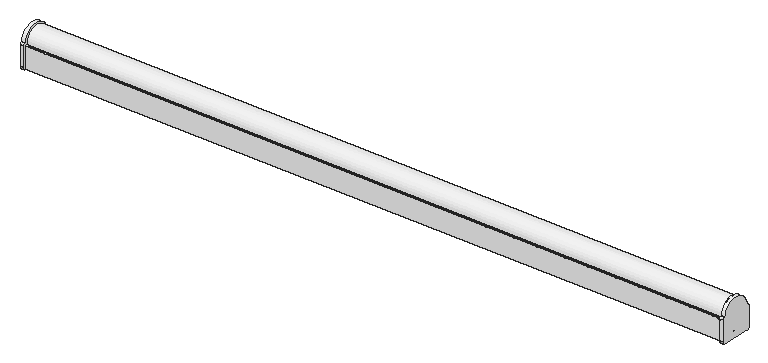
Revit family "0045187 Feilo Sylvania Lighting Fixture SYLBATTEN LED8 6000K TP3", category Lighting Fixtures, host Face, Revit 2017
Family settings
  Host = Face
  Round Connector Dimension = Use Diameter
  Part Type = Normal
  OmniClass Number = 23.80.70.00
  OmniClass Title = Lighting
  Cut with Voids When Loaded = No
  Light Source = Yes
  Shared = No
  Room Calculation Point = No
Parameters (values of type "0045187 SYLBATTEN LED8 6000K TP3")
  Width_FEILO = 66 mm
  Weight = "3.148 kg"
  Wattage Comments = "n/a"
  Wattage = 79 W
  WarrantyStartDate [instance] = "n/a"
  WarrantyGuarantorParts = "n/a"
  WarrantyDurationUnit = "n/a"
  WarrantyDurationParts = "n/a"
  WarrantyDescription = "n/a"
  built-in parameter 1150110 = 1 (stored number, unit not read)
  Voltage = 230 V
  URL = "http://www.sylvania-lighting.com"
  TypeName = "SYLBATTEN LED8 6000K TP3"
  Type Image = <None>
  Type Comments = "n/a"
  built-in parameter 1114217 = 1 (stored number, unit not read)
  Tilt Angle = -90.00°
  built-in parameter 1150109 = 1 (stored number, unit not read)
  built-in parameter 1150134 = 5
  SymReflector_FEILO = no
  built-in parameter 1150113 = 1 (stored number, unit not read)
  SerialNumber [instance] = "n/a"
  PowerFactor = 0
  PowerConsumption = "79 W"
  Photometric Web File = "0045187.ies"
  NominalLength = 1505 mm
  NominalHeight = 76 mm
  NominalDepth = 66 mm
  Name = "SYLBATTEN LED8 6000K TP3"
  ModelReference = Name  # "SYLBATTEN LED8 6000K TP3"
  ModelNumber = "0045187"
  Model = Name  # "SYLBATTEN LED8 6000K TP3"
  Material_4_FEILO = Reflector-Sylvania-Sylbatten-White
  Material_3_FEILO = Diffuser-Sylvania-Sylbatten-Glow
  Material_2_FEILO = Body-Sylvania-Sylbatten-White
  Material_1_FEILO = Body-Sylvania-Sylbatten-White
  Material = "sheet steel housing, polycarbonate diffuser"
  ManufacturerName = "Feilo Sylvania"
  Manufacturer = "Feilo Sylvania"
  LuminousEfficacy = "110.4 lm/W"
  built-in parameter 1150105 = 694.23 (stored number, unit not read)
  Lumens = 8723.97 lm
  LuminaireType = ""
  built-in parameter 1150115 = 1 (stored number, unit not read)
  LightOutputRatio = "100"
  built-in parameter 1150137 = (empty or 0)
  built-in parameter 1150139 = (empty or 0)
  Length_FEILO = 1505 mm
  LampsType = Lamp  # "LED"
  LampNominalLuminous = "8724 lm"
  LampMacAdamStep = "n/a"
  LampColourTemperature = "6000 K"
  LampColourRenderingIndex = "80"
  built-in parameter 1150112 = 1 (stored number, unit not read)
  built-in parameter 1150114 = 1 (stored number, unit not read)
  Lamp = "LED"
  Keynote = "16500"
  InstallationDate [instance] = "n/a"
  InputVoltage = "220-240V~"
  InputNominalFrequency = "n/a"
  built-in parameter 1150132 = (empty or 0)
  built-in parameter 1150102 = (empty or 0)
  built-in parameter 1150107 = 6000 (stored number, unit not read)
  built-in parameter 1150138 = (empty or 0)
  IngressProtection = "IP20"
  ImpactProtectionIndex = "IK07"
  built-in parameter 1150106 = 6.9423 (stored number, unit not read)
  IfcExportType = "IfcLightFixtureType"
  IfcExportAs = "IfcLightFixtureType"
  Height_FEILO = 76 mm
  ExpectedLife = 50000
  Emit from Rectangle Width = Length_FEILO - 16 mm  # 1489 mm
  Emit from Rectangle Length = Width_FEILO - 40 mm  # 26 mm
  Emit Shape Visible in Rendering = no
  ElectricShockClassification = "Class I"
  built-in parameter 1150104 = 10.259 (stored number, unit not read)
  DurationUnit = "hours"
  DocumentationLiterature = "http://www.sylvania-lighting.com/product/en-int/products/0045187"
  DimmingControlOptions = "n/a"
  Dimming Lamp Color Temperature Shift = <None>
  Description = "LED batten, T8 replacement, ease of installation through 2 part push-in design of the housing (safety cable included), through wiring capability (TP3 = 3 core), sheet steel, 8724M, 79W, 110lm/W, 6000K, drive current: 450mA, CRI 80, 138° wide beam angle, electronic driver (non dimmable), IP20, IK07, 50,000 hrs (L70), (LxWxH) 1505x66x76mm, 5 step MacAdam ellipse, 3.7kg, white RAL 9016, Class 1, 220-240V, energy class: A++, A+, A."
  Default Elevation = 1219.2 mm
  CreatedOn = "1/25/2018"
  CreatedBy = ""
  Cost = 0
  Color Filter = 16777215
  built-in parameter 1114216 [instance] = (empty or 0)
  ClassificationValue = "EF_70_80"
  ClassificationName = "Uniclass2015"
  CapOffset_FEILO = 2 mm
  BarCode [instance] = "n/a"
  built-in parameter 1114218 = 1 (stored number, unit not read)
  BackReflector_FEILO = and(not(AsymReflector_FEILO), SymReflector_FEILO)  # no
  built-in parameter 1150133 = 10 (stored number, unit not read)
  FrontReflector_FEILO = or(AsymReflector_FEILO, SymReflector_FEILO)  # no
  AsymReflector_FEILO = no
  AssetType = "Fixed"
  AssetIdentifier [instance] = "n/a"
  Assembly Code = "D5020200"
  Apparent Load = 79 VA
Reference planes
  plane 1 "Center (Front/Back)": y = 0
  plane 2: z = 0
  plane 3 "Center (Left/Right)": x = 0
  plane 4: x = 752.5
  plane 5: x = -752.5
  plane 6: y = 33
  plane 7: y = -33
  plane 8: z = 76
  plane 9: z = 47
  plane 10: y = -29
  plane 11: y = 29
  plane 12: z = 20
  plane 13: z = 74
  plane 14: y = -31
  plane 15: y = -27
  plane 16: y = 27
  plane 17: y = 31
  plane 18: z = 2
  plane 19: x = -744.5
  plane 20: x = 744.5
  plane 21: z = 49
  plane 22: y = 1
  plane 23: y = -1
  plane 24: z = 21
  plane 25: z = 19
  plane 26: y = -61
  plane 27: y = 61
  plane 28: y = -56
  plane 29: y = 56
  plane 30: z = 91
  plane 31: z = 88
Forms (mm)
  Extrusion 1, solid, material "Body-Sylvania-Sylbatten-White" <- "Material_2_FEILO"
    sketch origin (0, 0, 0) x (0, 1, 0) y (0, 0, 1)
      loop
        line (-31, 2) -> (31, 2) -> (31, 45)
        arc (31, 45) -> (30.414, 46.414) -> (29, 47) r 2
        line (29, 47) -> (27, 47)
        arc (27, 47) -> (0, 74) -> (-27, 47) r 27
        line (-27, 47) -> (-29, 47)
        arc (-29, 47) -> (-30.414, 46.414) -> (-31, 45) r 2
        line (-31, 45) -> (-31, 2)
    from -744.5 to 744.5
  Extrusion 2, solid, material "Body-Sylvania-Sylbatten-White" <- "Material_2_FEILO"
    sketch origin (752.5, 1524, 1219.2) x (0, 1, 0) y (0, 0, 1)
      loop
        arc (-1494, -1219.2) -> (-1491.879, -1218.321) -> (-1491, -1216.2) r 3
        line (-1491, -1216.2) -> (-1491, -1173.2)
        arc (-1491, -1173.2) -> (-1491.879, -1171.079) -> (-1494, -1170.2) r 3
        line (-1494, -1170.2) -> (-1495.069, -1170.2)
        arc (-1495.069, -1170.2) -> (-1524, -1143.2) -> (-1552.931, -1170.2) r 29
        line (-1552.931, -1170.2) -> (-1554, -1170.2)
        arc (-1554, -1170.2) -> (-1556.121, -1171.079) -> (-1557, -1173.2) r 3
        line (-1557, -1173.2) -> (-1557, -1216.2)
        arc (-1557, -1216.2) -> (-1556.121, -1218.321) -> (-1554, -1219.2) r 3
        line (-1554, -1219.2) -> (-1494, -1219.2)
      loop
        arc (-1525, -1189.25) -> (-1531.071, -1192.129) -> (-1533.95, -1198.2) r 10
        line (-1533.95, -1198.2) -> (-1532.944, -1198.2)
        arc (-1532.944, -1198.2) -> (-1530.364, -1192.836) -> (-1525, -1190.256) r 9
        line (-1525, -1190.256) -> (-1525, -1189.25)
      loop
        arc (-1523, -1190.256) -> (-1517.636, -1192.836) -> (-1515.056, -1198.2) r 9
        line (-1515.056, -1198.2) -> (-1514.05, -1198.2)
        arc (-1514.05, -1198.2) -> (-1516.929, -1192.129) -> (-1523, -1189.25) r 10
        line (-1523, -1189.25) -> (-1523, -1190.256)
      loop
        line (-1532.944, -1200.2) -> (-1533.95, -1200.2)
        arc (-1533.95, -1200.2) -> (-1531.071, -1206.271) -> (-1525, -1209.15) r 10
        line (-1525, -1209.15) -> (-1525, -1208.144)
        arc (-1525, -1208.144) -> (-1530.364, -1205.564) -> (-1532.944, -1200.2) r 9
      loop
        arc (-1515.056, -1200.2) -> (-1517.636, -1205.564) -> (-1523, -1208.144) r 9
        line (-1523, -1208.144) -> (-1523, -1209.15)
        arc (-1523, -1209.15) -> (-1516.929, -1206.271) -> (-1514.05, -1200.2) r 10
        line (-1514.05, -1200.2) -> (-1515.056, -1200.2)
    from 0 to -8
  Extrusion 3, solid, material "Body-Sylvania-Sylbatten-White" <- "Material_2_FEILO"
    sketch origin (-752.5, 1524, 1219.2) x (0, 1, 0) y (0, 0, 1)
      loop
        arc (-1495.069, -1170.2) -> (-1524, -1143.2) -> (-1552.931, -1170.2) r 29
        line (-1552.931, -1170.2) -> (-1554, -1170.2)
        arc (-1554, -1170.2) -> (-1556.121, -1171.079) -> (-1557, -1173.2) r 3
        line (-1557, -1173.2) -> (-1557, -1216.2)
        arc (-1557, -1216.2) -> (-1556.121, -1218.321) -> (-1554, -1219.2) r 3
        line (-1554, -1219.2) -> (-1494, -1219.2)
        arc (-1494, -1219.2) -> (-1491.879, -1218.321) -> (-1491, -1216.2) r 3
        line (-1491, -1216.2) -> (-1491, -1173.2)
        arc (-1491, -1173.2) -> (-1491.879, -1171.079) -> (-1494, -1170.2) r 3
        line (-1494, -1170.2) -> (-1495.069, -1170.2)
      loop
        line (-1533.95, -1198.2) -> (-1532.944, -1198.2)
        arc (-1532.944, -1198.2) -> (-1530.364, -1192.836) -> (-1525, -1190.256) r 9
        line (-1525, -1190.256) -> (-1525, -1189.25)
        arc (-1525, -1189.25) -> (-1531.071, -1192.129) -> (-1533.95, -1198.2) r 10
      loop
        line (-1523, -1189.25) -> (-1523, -1190.256)
        arc (-1523, -1190.256) -> (-1517.636, -1192.836) -> (-1515.056, -1198.2) r 9
        line (-1515.056, -1198.2) -> (-1514.05, -1198.2)
        arc (-1514.05, -1198.2) -> (-1516.929, -1192.129) -> (-1523, -1189.25) r 10
      loop
        line (-1514.05, -1200.2) -> (-1515.056, -1200.2)
        arc (-1515.056, -1200.2) -> (-1517.636, -1205.564) -> (-1523, -1208.144) r 9
        line (-1523, -1208.144) -> (-1523, -1209.15)
        arc (-1523, -1209.15) -> (-1516.929, -1206.271) -> (-1514.05, -1200.2) r 10
      loop
        line (-1525, -1209.15) -> (-1525, -1208.144)
        arc (-1525, -1208.144) -> (-1530.364, -1205.564) -> (-1532.944, -1200.2) r 9
        line (-1532.944, -1200.2) -> (-1533.95, -1200.2)
        arc (-1533.95, -1200.2) -> (-1531.071, -1206.271) -> (-1525, -1209.15) r 10
    from 0 to 8
  Extrusion 4, solid, material "Reflector-Sylvania-Sylbatten-White" <- "Material_4_FEILO", visible <- "FrontReflector_FEILO"
    sketch origin (0, 0, 0) x (0, 1, 0) y (0, 0, 1)
      loop
        line (-61.257, 88.429) -> (-60.743, 87.571) -> (-56.621, 90.044)
        arc (-56.621, 90.044) -> (-56.237, 90.099) -> (-55.929, 89.863) r 0.5
        line (-55.929, 89.863) -> (-31.435, 46.753) -> (-30.565, 47.247) -> (-55.312, 90.802)
        arc (-55.312, 90.802) -> (-55.928, 91.275) -> (-56.696, 91.165) r 1
        line (-56.696, 91.165) -> (-61.257, 88.429)
    from -744.5 to 744.5
  Extrusion 5, solid, material "Reflector-Sylvania-Sylbatten-White" <- "Material_4_FEILO", visible <- "BackReflector_FEILO"
    sketch origin (0, 0, 0) x (0, 1, 0) y (0, 0, 1)
      loop
        line (30.565, 47.247) -> (31.435, 46.753) -> (55.932, 89.868)
        arc (55.932, 89.868) -> (56.245, 90.112) -> (56.638, 90.062) r 0.518
        line (56.638, 90.062) -> (61.033, 87.565) -> (61.527, 88.435) -> (56.682, 91.188)
        arc (56.682, 91.188) -> (55.922, 91.282) -> (55.318, 90.812) r 1
        line (55.318, 90.812) -> (30.565, 47.247)
    from -744.5 to 744.5
Lines and regions (mm)
  reference lines
    curve 1: line (0, -61, 88) -> (0, -56, 91)
    curve 2: line (0, -56, 91) -> (0, -31, 47)
    curve 3: line (0, 31, 47) -> (0, 56, 91)
    curve 4: line (0, 56, 91) -> (0, 61.28, 88)
Dimensions and locks
  equal spacing: plane 5, plane 3 "Center (Left/Right)", plane 4
  equal spacing: plane 7, plane 1 "Center (Front/Back)", plane 6
  "Width_FEILO": plane 7 to plane 6
  "Length_FEILO": plane 5 to plane 4
  "Height_FEILO": plane 8 to plane 2
  locked: plane 9 to plane 8 at 29
  equal spacing: plane 10, plane 1 "Center (Front/Back)", plane 11
  locked: plane 7 to plane 10 at 4
  locked: plane 12 to plane 2 at 20
  "CapOffset_FEILO": plane 13 to plane 8
  "CapOffset_FEILO": plane 7 to plane 14
  "CapOffset_FEILO": plane 10 to plane 15
  "CapOffset_FEILO": plane 17 to plane 6
  "CapOffset_FEILO": plane 16 to plane 11
  "CapOffset_FEILO": plane 18 to plane 2
  locked: plane 14 to Extrusion 1 sketch curve at 2
  locked: Extrusion 1 sketch curve to plane 9 at 2  (x2)
  locked: plane 16 to Extrusion 1 sketch curve at 2
  equal spacing: plane 19, plane 3 "Center (Left/Right)", plane 20
  locked: plane 5 to plane 19 at 8
  "CapOffset_FEILO": plane 9 to plane 21
  locked: Extrusion 2 sketch curve to plane 2 at 47
  locked: Extrusion 1 sketch curve to plane 2 at 47
  locked: Extrusion 2 sketch curve to plane 2 at 3  (x2)
  locked: plane 7 to Extrusion 2 sketch curve at 3  (x2)
  locked: Extrusion 2 sketch curve to plane 6 at 3  (x2)
  locked: Extrusion 2 sketch curve to plane 21 at 3  (x2)
  equal spacing: plane 23, plane 1 "Center (Front/Back)", plane 22
  equal spacing: plane 25, plane 12, plane 24
  plane 30 to plane 31 to plane 2 = 3 mm locked, 88 mm locked
  plane 28 to plane 29 = 112 mm
  plane 26 to plane 27 = 122 mm
  aligned and locked: plane 2 to host face
  aligned and locked: level to host face
  aligned and locked: plane 18 to Extrusion 1 sketch curve
  aligned and locked: plane 14 to Extrusion 1 sketch curve
  aligned and locked: Extrusion 1 sketch curve to plane 9  (x2)
  aligned and locked: Extrusion 1 sketch curve to plane 17
  aligned and locked: plane 15 to Extrusion 1 sketch curve
  aligned and locked: plane 16 to Extrusion 1 sketch curve
  aligned and locked: plane 9 to Extrusion 1 sketch curve
  aligned and locked: plane 20 to Extrusion 1
  aligned and locked: level to Extrusion 2 sketch curve
  aligned and locked: Extrusion 2 sketch curve to plane 7
  aligned and locked: plane 21 to Extrusion 2 sketch curve
  aligned and locked: Extrusion 2 sketch curve to plane 21
  aligned and locked: plane 1 "Center (Front/Back)" to Extrusion 2 sketch curve  (x3)
  aligned and locked: Extrusion 2 to Extrusion 1
  aligned and locked: plane 4 to Extrusion 2
  aligned and locked: plane 12 to Extrusion 2 sketch curve  (x2)
  aligned and locked: Extrusion 2 sketch curve to plane 22
  aligned and locked: Extrusion 2 sketch curve to plane 23
  aligned and locked: Extrusion 2 sketch curve to plane 24
  aligned and locked: Extrusion 2 sketch curve to plane 25
  aligned and locked: plane 25 to Extrusion 2 sketch curve
  aligned and locked: plane 22 to Extrusion 2 sketch curve
  aligned and locked: plane 24 to Extrusion 2 sketch curve
  aligned and locked: plane 23 to Extrusion 2 sketch curve  (x2)
  aligned and locked: Extrusion 3 sketch curve to Extrusion 2  (x22)
  aligned and locked: Extrusion 3 to Extrusion 1
  aligned and locked: Extrusion 3 to plane 5
  aligned and locked: plane 19 to Extrusion 3
  aligned and locked: plane 31 to curve 1
  aligned and locked: plane 30 to curve 1
  aligned and locked: plane 14 to curve 2
  aligned and locked: plane 9 to curve 2
  aligned and locked: plane 17 to curve 3
  aligned and locked: plane 30 to curve 3
  aligned and locked: plane 31 to curve 4
  aligned and locked: Extrusion 4 sketch curve to curve 2
  aligned and locked: Extrusion 4 sketch curve to curve 1
  aligned and locked: Extrusion 4 to Extrusion 1
  aligned and locked: Extrusion 1 to Extrusion 4
  aligned and locked: imposter light to plane 1 "Center (Front/Back)"
  aligned and locked: imposter light to plane 3 "Center (Left/Right)"
  aligned and locked: imposter light to plane 13
  aligned and locked: Extrusion 5 sketch curve to curve 4
  aligned and locked: Extrusion 5 sketch curve to curve 3
  aligned and locked: Extrusion 1 to Extrusion 5
  aligned and locked: Extrusion 5 to Extrusion 1
Automatic sketch dimensions
  host sketch curve to host sketch curve = 2438.4 mm  (x2)
  Extrusion 2 sketch curve to Extrusion 2 sketch curve = 0 mm  (x14)
  Extrusion 2 sketch curve to plane 10 = 0.069 mm
  plane 23 to Extrusion 2 sketch curve = 8.95 mm
  Extrusion 2 sketch curve to Extrusion 2 sketch curve = 1.006 mm  (x4)
  Extrusion 2 sketch curve to plane 22 = 7.944 mm
  curve 1 to plane 26 = 0 mm
  curve 2 to plane 28 = 0 mm
  curve 4 to plane 29 = 0 mm
  plane 9 to curve 3 = 0 mm
  plane 26 to Extrusion 4 sketch curve = 0.257 mm
  Extrusion 4 sketch curve to plane 26 = 0.257 mm
  Extrusion 4 sketch curve to plane 30 = 0.165 mm
  plane 28 to Extrusion 4 sketch curve = 0.696 mm
  plane 28 to Extrusion 4 sketch curve = 0.621 mm
  plane 28 to Extrusion 4 sketch curve = 0.364 mm
  plane 28 to Extrusion 4 sketch curve = 0.182 mm
  Extrusion 4 sketch curve to plane 28 = 0.071 mm
  plane 30 to Extrusion 4 sketch curve = 0.198 mm
  Extrusion 4 sketch curve to plane 28 = 0.688 mm
  plane 9 to Extrusion 4 sketch curve = 0.247 mm
  plane 1 "Center (Front/Back)" to Extrusion 4 sketch curve = 31.435 mm
  Extrusion 5 sketch curve to plane 9 = 0.247 mm
  Extrusion 5 sketch curve to plane 1 "Center (Front/Back)" = 30.565 mm
  plane 9 to Extrusion 5 sketch curve = 0.247 mm
  plane 30 to Extrusion 5 sketch curve = 0.188 mm
  plane 29 to Extrusion 5 sketch curve = 0.068 mm
  Extrusion 5 sketch curve to plane 29 = 0.188 mm
  Extrusion 5 sketch curve to plane 29 = 0.382 mm
  Extrusion 5 sketch curve to Extrusion 5 sketch curve = 0.256 mm
  Extrusion 5 sketch curve to plane 30 = 0.188 mm
  Extrusion 5 sketch curve to plane 29 = 0.682 mm
  Extrusion 5 sketch curve to plane 27 = 0.033 mm
  Extrusion 5 sketch curve to plane 27 = 0.527 mm
Connectors
  electrical at (0, 0, 0), driven by "Apparent Load", driven by "PowerFactor", driven by "Voltage"
    settings: index 1, voltage 230 V, apparent load 79 VA, apparent load phase1 0 VA, apparent load phase2 0 VA, apparent load phase3 0 VA, power factor 0, load classification "Lighting", number of poles 1, system type 30, power factor state 1, is connector primary yes, connector utility no, sub classification motor no, connector description ""
